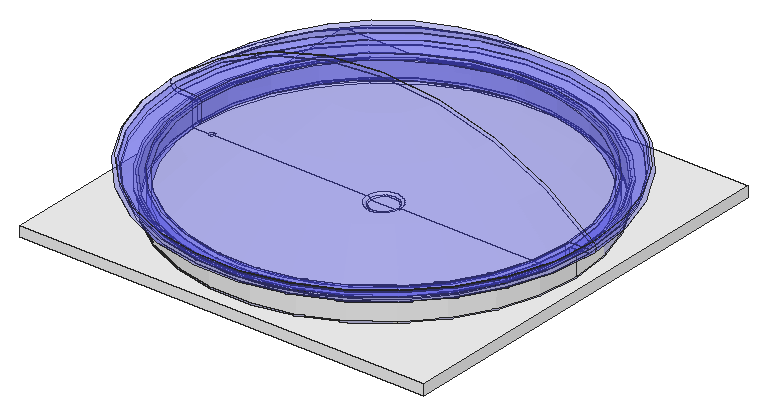
Revit family "BE_50734_de_DE", category Leuchten, Revit 2020
Family settings
  Basisbauteil = Fläche
  Bemaßung runder Anschluss = Durchmesser verwenden
  Teiletyp = Normal
  Beim Laden mit Abzugskörper schneiden = Ja
  Lichtquelle = Ja
  Gemeinsam genutzt = Nein
  Raumberechnungspunkt = Ja
Parameters (values of type "BEGA_50734_K4")
  built-in parameter 1150104 = 12.087 (stored number, unit not read)
  Wattage = 28.1 W
  Default Elevation = 0 mm
  built-in parameter 1150113 = 1 (stored number, unit not read)
  built-in parameter 1114218 = 1 (stored number, unit not read)
  Umgebungstemperatur = "25 °C"
  URL = "https://www.bega.com/de/produkt/50734"
  Typenkommentare = "© 2022 BEGA. Wir behalten uns das Recht vor, technische Änderungen ohne vorherige Ankündigung vorzunehmen."  # constant formula
  built-in parameter 1150134 = (empty or 0)
  built-in parameter 1150109 = 1 (stored number, unit not read)
  Strom = ""
  built-in parameter 1150110 = 1 (stored number, unit not read)
  Spannung = 239.996 V
  Sonderanfertigung = no
  Seriennummer [instance] = "Hier können Sie die eindeutige Seriennummer für das Facility Management eintragen."
  Schutzklasse = "I"
  Schutzart = "IP 20"
  Scheinlast = 0 VA
  Produktdatenblatt = "http://www.bega.de/download/Xrfa/db/50734.db.de.pdf"
  Oberflächentemperatur = ""
  Neigungswinkel = 0.00°
  Model = "50734K2"
  Material_17 = BEGA_Reflektor
  Material_15 = BEGA_Leuchtmedium_matt
  Material_11 = BEGA_Glas_opal
  Material_09 = BEGA_Glas_klar
  Material_06 = BEGA_Oberfläche_Edelstahl_gebürstet
  Material_03 = BEGA_Oberfläche_Weiss_matt
  Material_02 = BEGA_Oberfläche_Silber_matt
  Material_01 [instance] = BEGA_Oberfläche_Grafit_matt
  M_W = no
  M_G = no
  M_A = no
  Logo = 0
  built-in parameter 1114217 = 1 (stored number, unit not read)
  built-in parameter 1150139 = (empty or 0)
  built-in parameter 1150105 = 970.95 (stored number, unit not read)
  built-in parameter 1150114 = 1 (stored number, unit not read)
  Lumens = 3655.81 lm
  built-in parameter 1150115 = 1 (stored number, unit not read)
  Leuchtenlichtstrom = "2014 lm"
  Leuchtenanzahl = ""
  Lebensdauerkriterien = "L70B50 @ 25 °C = 200000 h"
  Lastklassifizierung = Beleuchtung
  built-in parameter 1150112 = 1 (stored number, unit not read)
  Lampenlichtstrom = "3655 lm"
  Lamp = "LED 28.1 W"
  LED_Modulbezeichnung = "LED-0630/927"
  Hersteller = "BEGA"  # constant formula
  Halbstreuwinkel = ""
  Gewicht = "3.95 kg"
  Gebrauchslageneinschränkung [instance] = ""
  Frequenz = "50/60 Hz"
  Farbwiedergabeindex = "CRI > 90"
  Farbtemperaturverschiebung bei Dämpfen der Lampe = <Keine Auswahl>
  Farbtemperatur = "2700 K"
  Color Filter = 16777215
  built-in parameter 1150133 = 10 (stored number, unit not read)
  Energieeffizienzklasse = "LED A++ - A"
  built-in parameter 1150137 = (empty or 0)
  built-in parameter 1150132 = (empty or 0)
  ENEC = ""
  Dimmbar [instance] = ""
  Photometric Web File = "BE_50734K2_Notbetrieb.IES"
  CE_Konformität = "ja"
  Bestellnummer = "50734K2"
  Beschreibung_Sonderanfertigung = "Hier können Sie Informationen zur Sonderanfertigung eintragen."
  Beschreibung = "Decken- und Wandleuchte"
  built-in parameter 1150106 = 9.7095 (stored number, unit not read)
  Befestigungsbohrung = "Ø 6 mm"
  Befestigungsabstand = "340 mm"
  Ballwurfsicher = ""
  BEGA_Intern_aus = yes
  BEGA_Intern_an = yes
  BEGA_Intern_Konstruktion = yes
  BEGA_Intern = yes
  BEGA_IES = yes
  BEGA_Dummy = no
  Anschlussleitung = ""
  Anschlussleistung [instance] = "34 W"
  Anschlusskasten = ""
  built-in parameter 1150107 = 2700 (stored number, unit not read)
  built-in parameter 1150102 = (empty or 0)
  built-in parameter 1150138 = (empty or 0)
  Aktualisierung = "2020-09-04T04:00:14"
  Abstand_zur_angestrahlten_Fläche [instance] = ""
  AC/DC = "AC"
Types (3, lengths in mm): name | built-in parameter 1150104 | built-in parameter 1150134 | Model | built-in parameter 1150105 | Lumens | Leuchtenlichtstrom | Lampenlichtstrom | LED_Modulbezeichnung | Farbtemperatur | Photometric Web File | Bestellnummer | built-in parameter 1150106 | built-in parameter 1150107
  BEGA_50734_K4 | 12.626 (stored number, unit not read) | 12 | "50734K4" | 1014.2 (stored number, unit not read) | 3818.79 lm | "2469 lm" | "4480 lm" | "LED-0630/940" | "4000 K" | "BE_50734K4.IES" | "50734K4" | 10.142 (stored number, unit not read) | 4000 (stored number, unit not read)
  BEGA_50734_K3 | 12.18 (stored number, unit not read) | (empty or 0) | "50734K3" | 978.39 (stored number, unit not read) | 3683.91 lm | "2372 lm" | "4305 lm" | "LED-0630/930" | "3000 K" | "BE_50734K3.IES" | "50734K3" | 9.7839 (stored number, unit not read) | 3000 (stored number, unit not read)
  BEGA_50734_K27 | 12.626 (stored number, unit not read) | 12 | "50734K27" | 1014.2 (stored number, unit not read) | 3818.79 lm | "2295 lm" | "4165 lm" | "LED-0630/927" | "2700 K" | "BE_50734K27.IES" | "50734K27" | 10.142 (stored number, unit not read) | 4000 (stored number, unit not read)
Reference planes
  plane 1 "Mitte (Vorne/Hinten)": y = 0
  plane 2: z = 0
  plane 3 "Mitte (Links/Rechts)": x = 0
  plane 4 "Links": x = -210.263
  plane 5 "Rechts": x = 210.263
  plane 6 "Unten": y = -210.3
  plane 7 "Oben": y = 210.3
  plane 8 "Vorne": z = 117.8
  plane 9 "Hinten": z = 0
Forms (mm)
  Extrusion 1, solid, material "BEGA_Platte_Weiss"
    sketch origin (0, -1119.2, 0) x (1, 0, 0) y (0, 1, 0)
      loop
        line (-200, 1319.2) -> (-200, 919.2) -> (200, 919.2) -> (200, 1319.2) -> (-200, 1319.2)
    from 0 to -10
  Extrusion 2, solid, material "BEGA_Dummy_matt", visible <- "BEGA_Dummy"
    sketch origin (77.149, -76.023, 0) x (1, 0, 0) y (0, 1, 0)
      loop
        circle (-77.149, 76.023) r 210.263
    from 0 to 117.8
Dimensions and locks
  plane 1 "Mitte (Vorne/Hinten)" to Extrusion 1 = 200 mm
  aligned and locked: plane 2 to Extrusion 1
  aligned and locked: level to Extrusion 1
Nested families
  nested 1: "BE_50734" at (0, 0, 0) x (0, -1, 0) z (0, 0, 1), type "BE_50734"
Connectors
  electrical at (0, 0, 0), driven by "Lastklassifizierung", driven by "Spannung", driven by "Scheinlast"
    settings: index 1, voltage 239.996 V, apparent load 0 VA, apparent load phase1 0 VA, apparent load phase2 0 VA, apparent load phase3 0 VA, power factor 1, load classification "Beleuchtung", number of poles 1, system type 31, power factor state 1, is connector primary yes, connector utility no, sub classification motor no, connector description ""
Definition of nested family "BE_50734"
  Parameters (values of type "BE_50734")
    Default Elevation = 1 mm
    URL = "http://www.bega.de/de/produkt"
    Type Comments = "© 2015 BEGA. Wir behalten uns das Recht vor, technische Änderungen ohne vorherige Ankündigung vorzunehmen. "  # constant formula
    Type Image = (empty or 0)
    Neigungswinkel_um_Z2 = 0.00°
    Neigungswinkel_um_Z1 = 0.00°
    Neigungswinkel_um_Y2 = 0.00°
    Neigungswinkel_um_Y1 = 0.00°
    Neigungswinkel_um_X2 = 0.00°
    Neigungswinkel_um_X1 = 0.00°
    Material_17 = none
    Material_15 = none
    Material_11 = none
    Material_09 = none
    Material_06 = none
    Material_05 = none
    Material_03 = none
    Material_02 = none
    Material_01 = none
    M_W = yes
    M_G = yes
    M_A = yes
    Länge_Platte = 600 mm  # constant formula
    Höhe_Platte = -10 mm  # constant formula
    Manufacturer = "BEGA"  # constant formula
    Drehwinkel_um_Z2 = 0.00°
    Drehwinkel_um_Z1 = 0.00°
    Breite_Platte = 600 mm  # constant formula
  Reference planes
    plane 1 "Mitte (Oben/Unten)": y = 0
    plane 2: z = 0
    plane 3 "Mitte (Links/Rechts)": x = 0
    plane 4: y = 210.263
    plane 5: z = 117.8
    plane 6: y = -210.263
    plane 7: x = -210.3
    plane 8: x = 210.3
  Forms (mm)
    Extrusion 1, solid, detail levels medium
      sketch origin (0, 0, 0) x (1, 0, 0) y (0, 1, 0)
        loop
          line (-300, 300) -> (-300, -300) -> (300, -300) -> (300, 300) -> (-300, 300)
      from 0 to -10 <- "Höhe_Platte"
    Revolve 2, solid, material <- "Material_03", detail levels medium+fine
      sketch origin (0, 0, 0) x (0, 1, 0) y (0, 0, 1)
        loop
          line (188.667, 3.3) -> (16.416, 3.3)
          arc (16.416, 3.3) -> (15.106, 2.926) -> (14.186, 1.92) r 2.5
          arc (14.186, 1.92) -> (13.635, 1.322) -> (12.852, 1.1) r 1.5
          line (12.852, 1.1) -> (0.002, 1.1) -> (0.002, 0.1) -> (13.084, 0.1)
          arc (13.084, 0.1) -> (14.394, 0.474) -> (15.313, 1.48) r 2.5
          arc (15.313, 1.48) -> (15.866, 2.078) -> (16.65, 2.3) r 1.5
          line (16.65, 2.3) -> (188.667, 2.3)
          arc (188.667, 2.3) -> (190.064, 2.868) -> (190.667, 4.25) r 2
          line (190.667, 4.25) -> (191.038, 25.509)
          arc (191.038, 25.509) -> (191.277, 26.071) -> (191.842, 26.3) r 0.8
          line (191.842, 26.3) -> (194, 26.3) -> (194, 27.3) -> (191.844, 27.3)
          arc (191.844, 27.3) -> (190.578, 26.786) -> (190.038, 25.531) r 1.8
          line (190.038, 25.531) -> (189.667, 4.275)
          arc (189.667, 4.275) -> (189.365, 3.584) -> (188.667, 3.3) r 1
        axis (0, 0.1) -> (0, 27.3)
      angle from 0 to 360
    Extrusion 3, void
      sketch origin (0, 0, 0) x (1, 0, 0) y (0, 1, 0)
        loop
          circle (163, 18) r 8.5
        loop
          circle (0, -170) r 2.75
        loop
          circle (163, -18) r 8.5
        loop
          circle (0, 170) r 2.75
      from 1.096 to 7.205
    Revolve 4, solid, material <- "Material_11", detail levels medium+fine
      sketch origin (0, 0, 0) x (0, 1, 0) y (0, 0, 1)
        loop
          line (0, 117.8) -> (0, 113.8)
          arc (0, 113.8) -> (109.34, 94.281) -> (205.171, 38.134) r 315.999
          arc (205.171, 38.134) -> (206.112, 34.88) -> (203.42, 32.823) r 3
          line (203.42, 32.823) -> (183.692, 31.789)
          arc (183.692, 31.789) -> (181.07, 30.581) -> (180, 27.899) r 3.895
          line (180, 27.899) -> (180, 10.3) -> (184, 10.3) -> (184, 26.851)
          arc (184, 26.851) -> (184.275, 27.539) -> (184.948, 27.85) r 1
          line (184.948, 27.85) -> (203.629, 28.829)
          arc (203.629, 28.829) -> (209.896, 33.581) -> (207.79, 41.158) r 7
          arc (207.79, 41.158) -> (110.737, 98.029) -> (0, 117.8) r 319.999
        axis (0, 117.8) -> (0, 10.3)
      angle from 0 to 360
    Revolve 5, solid, material <- "Material_03", detail levels medium+fine
      sketch origin (87.5, 0, 0) x (0, 1, 0) y (0, 0, 1)
        loop
          line (151.554, 0) -> (151.554, 2.614) -> (145.865, 2.614)
          arc (145.865, 2.614) -> (148.424, 0.685) -> (151.554, 0) r 7.5
        axis (151.554, 0) -> (151.554, 2.614)
      angle from 0 to 360
    Revolve 6, solid, material <- "Material_03", detail levels medium+fine
      sketch origin (-43.752, -75.774, 0) x (0.866025, -0.5, 0) y (0, 0, 1)
        loop
          line (151.554, 0) -> (151.554, 2.614) -> (145.865, 2.614)
          arc (145.865, 2.614) -> (148.424, 0.685) -> (151.554, 0) r 7.5
        axis (151.554, 0) -> (151.554, 2.614)
      angle from 0 to 360
    Revolve 7, solid, material <- "Material_03", detail levels medium+fine
      sketch origin (-43.748, 75.781, 0) x (-0.866025, -0.5, 0) y (0, 0, 1)
        loop
          line (151.554, 0) -> (151.554, 2.614) -> (145.865, 2.614)
          arc (145.865, 2.614) -> (148.424, 0.685) -> (151.554, 0) r 7.5
        axis (151.554, 0) -> (151.554, 2.614)
      angle from 0 to 360
  Cuts and joins
    Extrusion 3 cuts Revolve 2
    joined: Revolve 2, Revolve 5, Revolve 6, Revolve 7
  Dimensions and locks
    equal spacing: Extrusion 1 sketch curve, plane 3 "Mitte (Links/Rechts)", Extrusion 1 sketch curve
    equal spacing: Extrusion 1 sketch curve, plane 1 "Mitte (Oben/Unten)", Extrusion 1 sketch curve
    "Länge_Platte": Extrusion 1 sketch curve to Extrusion 1 sketch curve
    "Breite_Platte": Extrusion 1 sketch curve to Extrusion 1 sketch curve
    aligned and locked: Extrusion 1 to plane 2
    aligned and locked: level to Extrusion 1
  Automatic sketch dimensions
    Revolve 2 sketch curve to Revolve 2 sketch curve = 0 mm  (x11)
    Revolve 2 sketch curve to plane 1 "Mitte (Oben/Unten)" = 0 mm
    Revolve 2 sketch curve to plane 1 "Mitte (Oben/Unten)" = 0.002 mm
    level to Revolve 2 sketch curve = 2.6 mm
    Revolve 2 sketch curve to plane 1 "Mitte (Oben/Unten)" = 12.849 mm
    Revolve 2 sketch curve to Revolve 2 sketch curve = 0.003 mm
    Revolve 2 sketch curve to Revolve 2 sketch curve = 0.229 mm  (x2)
    level to Revolve 2 sketch curve = 0.1 mm
    Revolve 2 sketch curve to Revolve 2 sketch curve = 0.232 mm
    Revolve 2 sketch curve to Revolve 2 sketch curve = 3.338 mm
    level to Revolve 2 sketch curve = 0.8 mm
    Revolve 2 sketch curve to Revolve 2 sketch curve = 0.005 mm
    level to Revolve 2 sketch curve = 4.3 mm
    level to Revolve 2 sketch curve = 4.275 mm
    Revolve 2 sketch curve to Revolve 2 sketch curve = 1 mm  (x6)
    level to Revolve 2 sketch curve = 4.25 mm
    Revolve 2 sketch curve to Revolve 2 sketch curve = 0.8 mm
    Revolve 2 sketch curve to Revolve 2 sketch curve = 0.004 mm
    Revolve 2 sketch curve to Revolve 2 sketch curve = 0.002 mm
    Revolve 2 sketch curve to Revolve 2 sketch curve = 2.156 mm
    Revolve 2 sketch curve to Revolve 2 sketch curve = 21.25 mm
    Revolve 2 sketch curve to Revolve 2 sketch curve = 0.009 mm
    Revolve 2 sketch curve to Revolve 2 sketch curve = 0.025 mm
    Revolve 2 sketch curve to Revolve 2 sketch curve = 6.2 mm
    Revolve 5 sketch curve to Revolve 5 sketch curve = 5.69 mm
    Revolve 5 sketch curve to Revolve 5 sketch curve = 0 mm  (x3)
    Revolve 5 sketch curve to Revolve 5 sketch curve = 1.154 mm
    Revolve 5 sketch curve to Revolve 5 sketch curve = 2.614 mm
    Revolve 6 sketch curve to Revolve 6 sketch curve = 5.69 mm
    Revolve 6 sketch curve to Revolve 6 sketch curve = 0 mm  (x3)
    Revolve 6 sketch curve to Revolve 6 sketch curve = 1.154 mm
    Revolve 6 sketch curve to Revolve 6 sketch curve = 2.614 mm
    Revolve 7 sketch curve to Revolve 7 sketch curve = 5.69 mm
    Revolve 7 sketch curve to Revolve 7 sketch curve = 0 mm  (x3)
    Revolve 7 sketch curve to Revolve 7 sketch curve = 1.154 mm
    Revolve 7 sketch curve to Revolve 7 sketch curve = 2.614 mm
    Revolve 5 sketch curve to level = 0 mm
    Revolve 6 sketch curve to level = 0 mm
    level to Revolve 7 sketch curve = 0 mm
    Extrusion 3 sketch curve to plane 3 "Mitte (Links/Rechts)" = 0 mm  (x2)
    plane 1 "Mitte (Oben/Unten)" to Extrusion 3 sketch curve = 18 mm
    Extrusion 3 sketch curve to plane 1 "Mitte (Oben/Unten)" = 18 mm
    Revolve 4 sketch curve to Revolve 4 sketch curve = 0 mm  (x9)
    Revolve 4 sketch curve to plane 1 "Mitte (Oben/Unten)" = 0 mm  (x2)
    plane 1 "Mitte (Oben/Unten)" to Revolve 4 sketch curve = 0 mm
    Revolve 4 sketch curve to plane 1 "Mitte (Oben/Unten)" = 0.001 mm
    Revolve 4 sketch curve to Revolve 4 sketch curve = 3.692 mm
    Revolve 4 sketch curve to Revolve 4 sketch curve = 0.204 mm
    Revolve 4 sketch curve to Revolve 4 sketch curve = 4 mm  (x2)
    Revolve 4 sketch curve to Revolve 4 sketch curve = 1 mm
    Revolve 4 sketch curve to Revolve 4 sketch curve = 19.572 mm
    Revolve 4 sketch curve to level = 202.199 mm
    Revolve 4 sketch curve to Revolve 4 sketch curve = 0.001 mm
    level to Revolve 4 sketch curve = 10.3 mm
    Revolve 4 sketch curve to Revolve 4 sketch curve = 16.551 mm
    Revolve 4 sketch curve to Revolve 4 sketch curve = 1.048 mm
    Revolve 4 sketch curve to Revolve 4 sketch curve = 4.03 mm
    Revolve 4 sketch curve to Revolve 4 sketch curve = 0.052 mm
    Revolve 4 sketch curve to Revolve 4 sketch curve = 0.157 mm
    Revolve 4 sketch curve to Revolve 4 sketch curve = 0.209 mm
    Revolve 4 sketch curve to Revolve 4 sketch curve = 1.908 mm
    Revolve 4 sketch curve to Revolve 4 sketch curve = 2.619 mm
    Revolve 2 sketch curve to Revolve 2 sketch curve = 172.018 mm
    Revolve 2 sketch curve to Revolve 2 sketch curve = 0.371 mm
    Extrusion 3 sketch curve to plane 1 "Mitte (Oben/Unten)" = 170 mm
    Revolve 4 sketch curve to plane 1 "Mitte (Oben/Unten)" = 180 mm
    Revolve 5 sketch curve to plane 1 "Mitte (Oben/Unten)" = 145.865 mm
    plane 1 "Mitte (Oben/Unten)" to Extrusion 3 sketch curve = 170 mm
    level to Revolve 4 sketch curve = 113.8 mm
    Revolve 4 sketch curve to Revolve 4 sketch curve = 45.47 mm
    plane 3 "Mitte (Links/Rechts)" to Extrusion 3 sketch curve = 163 mm
    Extrusion 3 sketch curve to Extrusion 3 sketch curve = 0 mm
    radius of Extrusion 3 sketch curve = 8.5 mm  (x2)
    radius of Extrusion 3 sketch curve = 2.75 mm  (x2)
